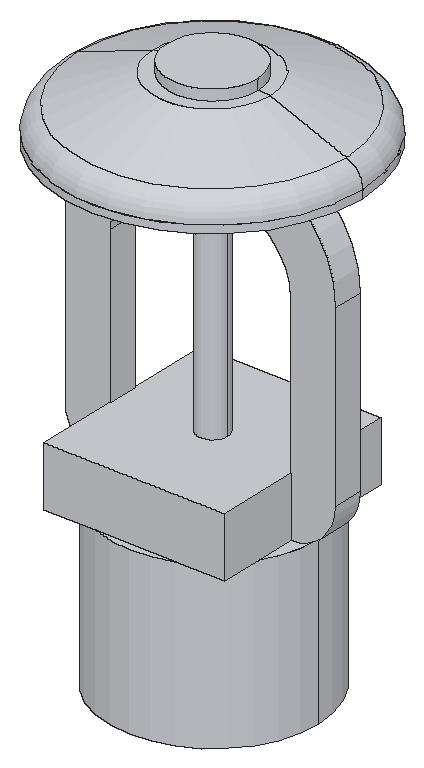
Revit family
Parameters (values of type "RASCO F1FR56 UPRIGHT")
  URL = ""
  Temperature Rating = 155 °F
  Response = 1
  RASCO SIN # = "RA1425"
  RASCO Part # = "F1FR56U1W"
  Pressure Rating = "175 PSI"
  Pressure Class = (empty or 0)
  Orifice Size = 1/2"
  Orifice = (empty or 0)
  Model = "F1FR56"
  Manufacturer = "RASCO"
  K-Factor = 5.6
  Description = "Brz. Finish"
  Coverage = (empty or 0)
Reference planes (in)
  plane 1 "Center (Front/Back)": y = 0
  plane 2: z = 0
  plane 3 "Center (Left/Right)": x = 0
Nested families (in)
  nested 1: "F1FR56U1W" at (0.16814, -0.07555, 0), type "RASCO F1FR56 UPRIGHT"
Connectors (in)
  piping at (0.16814, -0.07555, 0)
    settings: on nested 1, index 1, connector radius 115/256", flow factor 0, pipe flow 0 GPM, pressure drop 0.00 psi, fitting loss kfactor 0, connector angle 0.00°, fixture units 0, flow configuration 0, flow direction 0, fitting loss method 0, system type 7, connector reference index -1, connector utility 0, adjustable connector no, is connector primary yes, fitting loss table "", connector description ""
Definition of nested family "F1FR56U1W"
  Parameters (values of type "RASCO F1FR56 UPRIGHT")
    Type Comments = ""
    Temperature Rating = 0 °F
    Response = (empty or 0)
    Pressure Rating = "0"
    Pressure Class = (empty or 0)
    Orifice Size = 0"
    Orifice = (empty or 0)
    Model = ""
    Manufacturer = ""
    K-Factor = 0
    Description = ""
    Coverage = (empty or 0)
    Assembly Code = ""
  Reference planes (in)
    plane 1 "Center (Front/Back)": y = 0
    plane 2: z = 0
    plane 3 "ref.2": z = 0.6875
    plane 4 "ref.3": z = 0.9375
    plane 5: x = -0.38065
    plane 6: x = 0.36935
    plane 7 "ref. side 1": y = 0.06402
    plane 8 "ref. side 2": y = -0.06098
    plane 9 "ref.4": z = 1.875
    plane 10 "ref.5": z = 2.3125
    plane 11 "ref.6": z = 2.4375
  Forms (in)
    Extrusion 1, solid
      sketch origin (0, 0, 0) x (1, 0, 0) y (0, 1, 0)
        loop
          circle (0, 0) r 0.4375
      from 0 to 0.6875
    Extrusion 2, solid
      sketch origin (-0.12185, 0.05177, 0.6875) x (1, 0, 0) y (0, 1, 0)
        loop
          line (-0.2588, 0.356) -> (-0.2588, -0.4565) -> (0.4912, -0.4565) -> (0.4912, 0.356) -> (-0.2588, 0.356)
      from 0 to 0.25
    Extrusion 3, solid
      sketch origin (0, 0, 0) x (1, 0, 0) y (0, 0, 1)
        loop
          line (-0.38065, 0.68754) -> (-0.38065, 1.58397)
          arc (-0.38065, 1.58397) -> (-0.29541, 1.78976) -> (-0.08962, 1.875) r 0.29103
          line (-0.08962, 1.875) -> (0.07524, 1.875)
          arc (0.07524, 1.875) -> (0.28321, 1.78886) -> (0.36935, 1.58089) r 0.29411
          line (0.36935, 1.58089) -> (0.36935, 0.68751)
          arc (0.36935, 0.68751) -> (0.50207, 0.74393) -> (0.55685, 0.87734) r 0.18984
          line (0.55685, 0.87734) -> (0.55685, 1.61676)
          arc (0.55685, 1.61676) -> (0.42629, 1.93194) -> (0.11111, 2.0625) r 0.44574
          line (0.11111, 2.0625) -> (-0.12259, 2.0625)
          arc (-0.12259, 2.0625) -> (-0.43765, 1.932) -> (-0.56815, 1.61694) r 0.44556
          line (-0.56815, 1.61694) -> (-0.56815, 0.87876)
          arc (-0.56815, 0.87876) -> (-0.51345, 0.74486) -> (-0.38065, 0.68754) r 0.19126
      from -0.06402 to 0.06098
    Extrusion 4, solid
      sketch origin (0, 0, 0.9375) x (-1, 0, 0) y (0, -1, 0)
        loop
          circle (0.00574, -0.00152) r 0.0625
      from 0 to 0.9375
    Extrusion 5, solid
      sketch origin (0, 0, 1.875) x (-1, 0, 0) y (0, -1, 0)
        loop
          circle (0.00574, -0.00152) r 0.1875
      from 0 to 0.4375
    Revolve 6, solid
      sketch origin (0, 0, -0.31276) x (1, 0, 0) y (0, 0, 1)
        loop
          line (-0.19324, 2.33367) -> (-0.19324, 2.58367) -> (-0.24995, 2.58367) -> (-0.56395, 2.46314)
          arc (-0.56395, 2.46314) -> (-0.61243, 2.42492) -> (-0.63074, 2.36595) r 0.1041
          line (-0.63074, 2.36595) -> (-0.63074, 2.33367) -> (-0.19324, 2.33367)
        axis (-0.00574, 2.33367) -> (-0.00574, 2.58367)
      angle from 0 to 360
  Cuts and joins
    joined: Extrusion 1, Extrusion 2, Extrusion 4, Revolve 6
  Lines and regions (in)
    model lines
      curve 1: line (-0.00574, 0.06402, 1.875) -> (-0.00574, -0.06098, 1.875)
